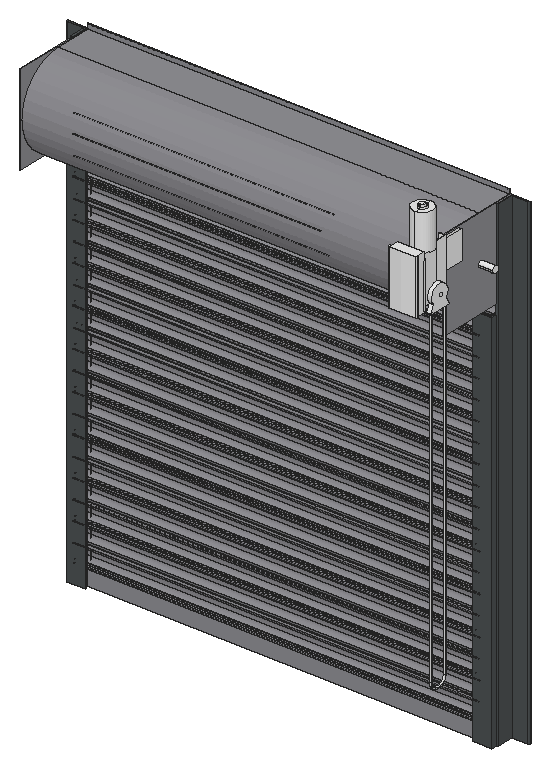
Revit family "EverGuard-Forced-Entry-Shelter-Door_OHD_Model-610FE_compact", category Specialty Equipment, host Wall, Revit 2023
Family settings
  Host = Wall
  Round Connector Dimension = Use Diameter
  Part Type = Normal
  OmniClass Number = 23.30.10.21.34
  OmniClass Title = Industrial Doors
  Enable Cutting in Views = No
  Always vertical = Yes
  Cut with Voids When Loaded = Yes
  Maintain Annotation Orientation = No
  Shared = No
  Room Calculation Point = No
Parameters (values of type "115 volts, one phase, 60 Hz (110-120V range)")
  Warning Sign [instance] = if(Calculated Area > 683.00 SF, 1 = 1, 1 = 2)  # no
  Warning (Note) [instance] = if(Warning Sign, "The Door Area is out of the limit; please adjust accordingly. The maximum allowed area is 683 sq. ft.", if(Opening Height > 360", "Headroom Clearance Dimensions - out of the limits. Consult Factory", " "))  # " "
  Wall Thickness [instance] = 6"
  Voltage = 115 V
  Version = "1.00.01"  # constant formula
  True Opening Width [instance] = Clear Width  # 120"
  True Opening Height [instance] = Clear Height  # 120"
  Slat Type [instance] = "C-600"  # constant formula
  Slat Material [instance] = Steel - Overhead Door - Gray
  Slat Length [instance] = Clear Width + G Value * 2 - 1" / 2 * 2  # 131"
  Slat Height [instance] = 17 251/256"  # constant formula
  Slat [instance] = 1  # constant formula
  Product Page URL = "https://www.overheaddoor.com/commercial/commercial-details/Rolling-Steel-Shelter-Door-Model-610FE"
  Power Factor = 1
  Powder Coat (Note) = "PowderGuard® Premium powder coat finish options are available in approximately 200 colors as well as custom matching to specification. PowderGuard® Textured finish, a thicker, more scratch resistant coat, is available in 11 colors providing enhanced scratch resistance as well as aiding in hiding the dirt and blemishes that often occur in commercial environments.​"  # constant formula
  Opening Width Real [instance] = if(Opening Width > Max Opening Width, Max Opening Width, if(Opening Width < Min Opening Width, Min Opening Width, Opening Width))  # 120"
  Opening Width [instance] = 120"
  Opening Height Real [instance] = if(Opening Height > Max Opening Height, Max Opening Height, if(Opening Height < Min Opening Height, Min Opening Height, Opening Height))  # 120"
  Opening Height [instance] = 120"
  One Array element [instance] = not(Array Vis)  # no
  Number of Poles = 1
  Motor Type [instance] = if(Motor Option < 2, "RHX Front of Hood", if(Motor Option = 2, "RHX Top of Hood", if(Motor Option = 3, "RHX Wall Mount", "RHX Bench Mount")))  # "RHX Front of Hood"
  Motor Selection (Note) [instance] = "Generic operator shown. Contact Overhead Door when dimensions are critical. "  # constant formula
  Motor Position [instance] = M Value - G Value  # 6"
  Motor Option Real [instance] = if(Motor Option < 1, 1, if(Motor Option > 4, 4, Motor Option))  # 1
  Motor Option [instance] = 1
  Min Opening Width [instance] = 60"  # constant formula
  Min Opening Height [instance] = 60"  # constant formula
  Max Opening Width [instance] = 192"  # constant formula
  Max Opening Height [instance] = 192"  # constant formula
  M Value [instance] = if(Guide Option < 2, 12", 6 1/2")  # 12"
  Lookup BD [instance] = if(True Opening Height = 60", 20", if(or(True Opening Height = 84", True Opening Height < 84"), 22", if(or(True Opening Height = 108", True Opening Height < 108"), 24", if(or(True Opening Height = 132", True Opening Height < 132"), 26", if(or(True Opening Height = 156", True Opening Height < 156"), 28", if(or(True Opening Height = 180", True Opening Height < 180"), 30", 32"))))))  # 26"
  Jambs Offset [instance] = 0"  # constant formula
  Installation Real [instance] = Wall Thickness  # 6"
  Hood Type [instance] = "Round Hood"  # constant formula
  Hood Offset [instance] = 3"  # constant formula
  Hood Material [instance] = Metal - Overhead Door - Gray
  Hood Height [instance] = Headroom Height Real - Hood Offset  # 28"
  Lookup HH [instance] = if(True Opening Height = 60", 22", if(or(True Opening Height = 84", True Opening Height < 84"), 24", if(or(True Opening Height = 108", True Opening Height < 108"), 26", if(or(True Opening Height = 132", True Opening Height < 132"), 28", if(or(True Opening Height = 156", True Opening Height < 156"), 30", if(or(True Opening Height = 180", True Opening Height < 180"), 32", 34"))))))  # 28"
  Headroom Height Real [instance] = Lookup HH + 3"  # 31"
  Headroom Height [instance] = Headroom Height Real + 1 1/2"  # 32 1/2"
  Guide Type [instance] = if(Guide Option < 2, "Angled Z Guide", "Angled E Guide")  # "Angled Z Guide"
  Guide Option [instance] = 1
  Guid Depth [instance] = D Value  # 7 3/4"
  G Value [instance] = 6"  # constant formula
  Frequency = 60 Hz
  Face of Wall Offset [instance] = 5"  # constant formula
  Face Of Wall Mounting [instance] = 1 = 1  # yes
  Door Width True [instance] = Clear Width + M Value * 2  # 144"
  Door Width (Real) [instance] = Clear Width + 1" / 2  # 120 1/2"
  Door Height True [instance] = Clear Width + Headroom Height  # 152 1/2"
  Door Height (Real) [instance] = Clear Height + Hood Offset  # 123"
  URL = "https://www.overheaddoor.com/"
  Product data url = "https://www.bimobject.com/overhead-door/product/everguard-forced-entry-shelter-door-610fe"
  Product Guid = "23f5a135-2cee-4e1f-8624-9f3ee4fb7b65"
  Model = "610FE"  # constant formula
  Manufacturer = "Overhead Door Corporation"  # constant formula
  Wall Closure = By host
  Floor To (CL) of Shaft [instance] = Clear Height + Hood Height / 2 + Hood Offset  # 137"
  Finish Material = Finish - Overhead Door - Black
  Description = "EverGuard Model 610FE Rolling Steel Storm Shelter Door ASTM-F3038-21, NIJ Standard 0108.01"  # constant formula
  Default Elevation = 0"
  Date Updated = "2026/05/29"  # constant formula
  D Value [instance] = 7 3/4"  # constant formula
  Clear Width [instance] = Opening Width Real  # 120"
  Clear Height [instance] = Opening Height Real  # 120"
  Current = 20 A
  Connector Array Distance = 0"  # constant formula
  BimObject_Variable_Connectors = "No"  # constant formula
  Bar [instance] = 1 = 1  # yes
  Backroom Depth [instance] = Lookup BD  # 26"
  BJ Opening Cut [instance] = 0"  # constant formula
  BJ Displacement Real [instance] = 0"  # constant formula
  Array Vis [instance] = if(Array < 2, 1 = 2, 1 = 1)  # yes
  Array Real [instance] = if(Array < 2, 2, Array)  # 7
  Array Length [instance] = (Array) * Slat Height  # 125 221/256"
  Array [instance] = rounddown(([Door Height (Real)] - 5 11/256") / Slat Height) + 1  # 7
  Calculated Area [instance] = [Door Width (Real)] * [Door Height (Real)]  # 102.927 SF
  Apparent Load Phase 3 = if(Number of Poles = 1, 0 VA, (Voltage * Current * sqrt(3)) / 3)  # 0 VA
  Apparent Load Phase 2 = if(Number of Poles = 1, 0 VA, (Voltage * Current * sqrt(3)) / 3)  # 0 VA
  Apparent Load Phase 1 = if(Number of Poles = 1, Voltage * Current, (Voltage * Current * sqrt(3)) / 3)  # 2300 VA
Reference planes (in)
  plane 1 "Center (Front/Back)": y = -14.625
  plane 2 "Center (Left/Right)": x = 0
  plane 3 "Left": x = -60
  plane 4 "Right": x = 60
  plane 5 "Exterior": y = -8.625
  plane 6 "Interior": y = -14.625
  plane 7: x = 72
  plane 8: x = -72
  plane 9: z = 120
  plane 10 "Main": y = -21.73437
  plane 11 "Backroom Depth": y = -32.125
  plane 12 "Main Door Block": y = -6.125
  plane 13 "Bottom Bar": z = 5.04124
  plane 14: y = -22.375
  plane 15: z = 130.90452
  plane 16: z = 151
  plane 17: z = 123
  plane 18: z = 152.5
  plane 19: z = 0
  plane 20: z = 60
  plane 21: y = -20.90625
  plane 22: y = 18.375
  plane 23: y = -41.625
  plane 24 "Headroom Top": z = 152.5
  plane 25: z = 137
  plane 26: x = 66
  plane 27: x = -66
  plane 28: z = 112.92405
Forms (in)
  Extrusion 1, void
    sketch origin (0, -6.125, 0) x (0, 0, -1) y (-1, 0, 0)
      loop
        line (-120, 60) -> (-120, -60) -> (0, -60) -> (0, 60) -> (-120, 60)
    from -8.5 to -2.5
  Extrusion 2, solid, material "Metal - Overhead Door - Gray" <- "Hood Material", visible <- "Bar"
    sketch origin (0, 0, 0) x (0, 1, 0) y (0, 0, 1)
      loop
        line (-14.875, 151) -> (-14.625, 151) -> (-14.625, 152.5) -> (-14.875, 152.5) -> (-14.875, 151)
    from -65.625 to 65.625
Lines and regions (in)
  symbolic lines, visible <- "Bar"
    curve 1: line (65.625, -14.625, 0) -> (-65.625, -14.625, 0)
    curve 2: line (-65.625, -14.875, 0) -> (65.625, -14.875, 0)
Text (in)
  text "Exterior" at (-74.96733, 27.31104, 0), in view "Ref. Level"
  text "Interior" at (-74.96733, -25.14366, 0), in view "Ref. Level"
  text "Exterior" at (0, 40.15149, 123.01588), in view "Right"
  text "Interior" at (0, -64.39139, 123.01588), in view "Right"
  text "Interior" at (0, -31.01599, 123.00693), in view "Left"
  text "Exterior" at (0, 54.57065, 123.00693), in view "Left"
Dimensions and locks (in)
  equal spacing: plane 3 "Left", plane 2 "Center (Left/Right)", plane 4 "Right"
  "Clear Width": plane 3 "Left" to plane 4 "Right"
  level to host wall = 459.59655"
  "Clear Height": level to plane 9
  plane 7 to plane 8 = 144"
  equal spacing: plane 7, plane 2 "Center (Left/Right)", plane 8
  locked: plane 13 "Bottom Bar" to level at 5.04124
  "Door Width True": plane 7 to plane 8
  locked: plane 14 to plane 10 "Main" at 0.64063
  "Array Length": plane 15 to plane 13 "Bottom Bar"
  "Backroom Depth": plane 11 "Backroom Depth" to plane 12 "Main Door Block"
  "Hood Height": plane 16 to plane 17
  locked: plane 18 to plane 16 at 1.5
  locked: Extrusion 2 sketch curve to Extrusion 2 sketch curve at 0.25
  "Installation Real": plane 1 "Center (Front/Back)" to plane 5 "Exterior"
  "Wall Thickness": host wall to host wall
  equal spacing: plane 9, plane 20, plane 19
  locked: plane 10 "Main" to plane 21 at 0.82812
  equal spacing: plane 22, host wall, plane 23
  locked: plane 22 to plane 23 at 60
  "BJ Opening Cut": Extrusion 1 sketch curve to plane 9
  locked: Extrusion 2 sketch curve to Extrusion 2 sketch curve at 1.5
  "Hood Offset": plane 17 to plane 9
  "Headroom Height": plane 24 "Headroom Top" to plane 9
  "Floor To (CL) of Shaft": plane 25 to level
  "Jambs Offset": plane 4 "Right" to Extrusion 1 sketch curve
  "Jambs Offset": Extrusion 1 sketch curve to plane 3 "Left"
  "Motor Position": plane 7 to plane 26
  "Motor Position": plane 27 to plane 8
  locked: plane 27 to Extrusion 2 at 0.375
  locked: Extrusion 2 to plane 26 at 0.375
  "Guid Depth": plane 14 to plane 1 "Center (Front/Back)"
  "Slat Height": plane 15 to plane 28
  equal spacing: group 1, group 3, group 4, group 5, group 6, group 7, group 2  (x3)
  aligned and locked: plane 5 "Exterior" to host wall
  aligned and locked: host wall to plane 6 "Interior"
  aligned and locked: level to Extrusion 1 sketch curve
  aligned and locked: Extrusion 1 to plane 5 "Exterior"
  aligned and locked: plane 6 "Interior" to Extrusion 1
  aligned and locked: nested 1 to plane 2 "Center (Left/Right)"
  aligned and locked: plane 16 to nested 2
  aligned and locked: nested 1 to level
  aligned and locked: Extrusion 2 sketch curve to plane 18
  aligned and locked: Extrusion 2 sketch curve to plane 6 "Interior"
  aligned and locked: curve 1 to Extrusion 2  (x2)
  aligned and locked: curve 2 to Extrusion 2  (x2)
  aligned and locked: Extrusion 2 to curve 2
  aligned and locked: nested 2 to plane 5 "Exterior"
  aligned and locked: level to plane 19
  aligned and locked: nested 1 to plane 1 "Center (Front/Back)"
  aligned and locked: plane 2 "Center (Left/Right)" to nested 3
  aligned and locked: nested 3 to plane 22
  aligned and locked: plane 23 to nested 4
  aligned and locked: nested 4 to plane 2 "Center (Left/Right)"
  aligned and locked: nested 5 to plane 20
  aligned and locked: plane 2 "Center (Left/Right)" to nested 5
  aligned and locked: nested 2 to plane 26
  aligned and locked: plane 13 "Bottom Bar" to nested 6
  aligned and locked: plane 28 to nested 8
  aligned and locked: nested 8 to plane 21
  aligned and locked: plane 21 to nested 6
  aligned and locked: plane 13 "Bottom Bar" to nested 7
  aligned and locked: plane 21 to nested 7
  aligned and locked: nested 5 to plane 21
Automatic sketch dimensions
  curve 1 to curve 2 = 0"
Nested families (in)
  nested 1: "Lifts" at (0, -14.625, 0), type "Frame Unit"
    with Round Hood yes
  nested 2: "Motor" at (64.56, -48.505, 135.25), type "Trolley Motor"
    with Wall Mount RSX no, Horizontal Mount 7.88", Vertical Mount 15 3/4", Motor Option 1, Hood Width Real 26", Hood Mount 0.37", Face+Top yes, Face Mount RSX yes, Face + Top + Bench yes
  nested 3: "Label Annotation 1" at (0, 18.375, 0), visible <- "Warning Sign", type "Label Annotation 1"
  nested 4: "Label Annotation 1" at (0, -41.625, 0) x (-1, 0, 0) z (0, 0, 1), visible <- "Warning Sign", type "Label Annotation 1"
  nested 5: "Warning Sign" at (0, -20.90625, 60), visible <- "Warning Sign", type "Warning Sign"
    with Warning Sign no
  nested 6: "610F" at (0, -20.90625, 5.04124), Opening Width <- "Slat Length", visible <- "Array Vis", type "Standard - Gray"
    with Slat Width 1.438", Slat Position 17.979", Opening Width 131"
  nested 7: "610F" at (0, -20.90625, 5.04124), visible <- "One Array element", Opening Width <- "Slat Length", type "Standard - Gray"
    with Slat Width 1.438", Slat Position 17.979", Opening Width 131"
  nested 8: "610F" at (0, -20.90625, 112.92405), Opening Width <- "Slat Length", visible <- "Array Vis", type "Standard - Gray"
    with Slat Width 1.438", Slat Position 17.979", Opening Width 131"
  nested 9: "610F" at (0, -20.90625, 23.02171), Opening Width <- "Slat Length", visible <- "Array Vis", type "Standard - Gray"
    with Slat Width 1.438", Slat Position 17.979", Opening Width 131"
  nested 10: "610F" at (0, -20.90625, 41.00218), Opening Width <- "Slat Length", visible <- "Array Vis", type "Standard - Gray"
    with Slat Width 1.438", Slat Position 17.979", Opening Width 131"
  nested 11: "610F" at (0, -20.90625, 58.98265), Opening Width <- "Slat Length", visible <- "Array Vis", type "Standard - Gray"
    with Slat Width 1.438", Slat Position 17.979", Opening Width 131"
  nested 12: "610F" at (0, -20.90625, 76.96311), Opening Width <- "Slat Length", visible <- "Array Vis", type "Standard - Gray"
    with Slat Width 1.438", Slat Position 17.979", Opening Width 131"
  nested 13: "610F" at (0, -20.90625, 94.94358), Opening Width <- "Slat Length", visible <- "Array Vis", type "Standard - Gray"
    with Slat Width 1.438", Slat Position 17.979", Opening Width 131"
Connectors (in)
  electrical at (67.548, -46.92906, 143.05), driven by "Apparent Load Phase 1", driven by "Power Factor", driven by "Voltage", driven by "Apparent Load Phase 2", driven by "Apparent Load Phase 3", driven by "Number of Poles"
    settings: on nested 2, index 1, voltage 115 V, apparent load 0 VA, apparent load phase1 2300 VA, apparent load phase2 0 VA, apparent load phase3 0 VA, power factor 1, load classification "Other", number of poles 1, system type 31, power factor state 1, is connector primary yes, connector utility no, sub classification motor no, connector description "Electrical Connector"
Definition of nested family "Lifts"
  Parameters (values of type "Frame Unit")
    Void Height = if(Guide Option < 2, 0", Headroom Height Real)  # 0"
    True Width = Opening Width + 1/2"  # 120 1/2"
    Rounding 2 = Guide Thickness 2 - 0.031"  # 0.469"
    Rounding 1 = Guide Thickness 1 - 0.031"  # 0.344"
    Round Hood [instance] = 1 = 1  # yes
    Rough Width = 0"
    Rough Height = 0"
    Main Bracket Profile Height = 5" + 1 3/4"  # 6 3/4"
    M Value = 13"
    Inner Profile Height = 4"  # constant formula
    Hood Offset = 3"
    Hood Height = Headroom Height Real - Hood Offset  # 28"
    Headroom Height Real = Headroom Height  # 31"
    Half Hood Height = Headroom Height - Hood Offset  # 28"
    Guide Thickness 2 = 1/2"  # constant formula
    Guide Thickness 1 = 3/8"  # constant formula
    G Value = 6"
    E Guide Width = if(Guide Option < 2, 6", 6")  # 6"
    E Guide Height = 6"  # constant formula
    Z Guide = if(Guide Option < 2, 1 = 1, 1 = 2)  # yes
    Slat Material = none
    Shaft Offset = (Header Width - (Header Width - Hood Height)) / 2  # 14"
    Shaft Material = none
    Shaft Length 2 = G Value + 4 3/4"  # 10 3/4"
    Shaft Length 1 = G Value + 4 3/4"  # 10 3/4"
    Setback = 1/4"  # constant formula
    Radius Hood = Shaft Offset  # 14"
    Opening Width = 120"
    Hood Material = none
    Headroom Height = 31"
    Header Width = 26"
    Opening Height = 120"
    Guide Type = if(Guide Option = 1, "Angled Z Guide", "Angled E Guide")  # "Angled Z Guide"
    Guide Option = 1
    Guide Offset = BJ Displacement + G Value  # 6"
    Guide Z Wide = if(Guide Option < 2, M Value - G Value, 6")  # 7"
    Guide Z Height = 6"  # constant formula
    Floor To (CL) of Shaft = 137"
    Finish Material = none
    Face to Wall Mount = not(Between Jambs)  # yes
    E Guide = not(Z Guide)  # no
    Default Elevation = 0"
    D Value = 7 3/4"
    Between Jambs = 1 = 2  # no
    BJ Position = 0"  # constant formula
    BJ Displacement = if(Guide Option < 2, 0", Guide Thickness 2)  # 0"
    BJ Connection Length = 1 / 3 * BJ Displacement  # 0"
    Angled Guide = 1 = 1  # yes
  Reference planes (in)
    plane 1 "Center (Front/Back)": y = 0
    plane 2: z = 0
    plane 3 "Center (Left/Right)": x = 0
    plane 4 "Opening Height": z = 120
    plane 5: x = -70.75
    plane 6: x = 70.75
    plane 7: z = 151
    plane 8: y = 26
    plane 9 "Real Opening 2": x = -60
    plane 10 "Real Opening 1": x = 60
    plane 11: z = 123
    plane 12 "Main": y = 0
    plane 13: z = 137
    plane 14: y = 12
    plane 15: x = 66
    plane 16: x = -66
    plane 17: x = -66
    plane 18: x = 66
    plane 19: y = 7.75
    plane 20: x = -65.625
    plane 21: x = 65.625
    plane 22: z = 152.5
    plane 23: y = 7.75
    plane 24: y = 5.75
    plane 25: y = 7.75
    plane 26: y = 5.75
  Forms (in)
    Extrusion 1, solid, material <- "Slat Material"
      sketch origin (0, 0, 0) x (0, 1, 0) y (0, 0, 1)
        loop
          line (6.25, 4.72874) -> (6.25, 5.35374) -> (5.25, 5.35374) -> (5.25, 4.72874) -> (6.25, 4.72874)
      from -65.625 to 65.625
    Extrusion 2, solid, material <- "Slat Material"
      sketch origin (0, 0, 0) x (0, 1, 0) y (0, 0, 1)
        loop
          line (6.25, 4.72874) -> (5.25, 4.72874) -> (5.25, 0) -> (6.25, 0) -> (6.25, 4.72874)
      from -65.625 to 65.625
    Extrusion 3, solid, material <- "Shaft Material"
      sketch origin (0, -5.35201, 0) x (0, 1, 0) y (0, 0, 1)
        loop
          circle (17.35201, 137) r 1
      from -70.75 to 70.75
    Extrusion 4, solid, material <- "Hood Material", visible <- "Round Hood"
      sketch origin (0, 0, 0) x (0, 1, 0) y (0, 0, 1)
        loop
          line (0, 151) -> (0, 123) -> (12, 123)
          arc (12, 123) -> (26, 137) -> (12, 151) r 14
          line (12, 151) -> (0, 151)
      from -65.625 to 65.625
    Extrusion 5, solid, material <- "Finish Material", visible <- "E Guide"
      sketch origin (0, 0, 0) x (1, 0, 0) y (0, 1, 0)
        loop
          line (60, 0) -> (66, 0) -> (66, 6) -> (65.969, 6)
          arc (65.969, 6) -> (65.63737, 5.86263) -> (65.5, 5.531) r 0.469
          line (65.5, 5.531) -> (65.5, 0.5) -> (60.469, 0.5)
          arc (60.469, 0.5) -> (60.13737, 0.36263) -> (60, 0.031) r 0.469
          line (60, 0.031) -> (60, 0)
        loop
          line (-60, 0) -> (-60, 0.031)
          arc (-60, 0.031) -> (-60.13737, 0.36263) -> (-60.469, 0.5) r 0.469
          line (-60.469, 0.5) -> (-65.5, 0.5) -> (-65.5, 5.531)
          arc (-65.5, 5.531) -> (-65.63737, 5.86263) -> (-65.969, 6) r 0.469
          line (-65.969, 6) -> (-66, 6) -> (-66, 0) -> (-60, 0)
      from 0 to 151
    Extrusion 6, solid, material <- "Finish Material", visible <- "Z Guide"
      sketch origin (0, 0, 0) x (1, 0, 0) y (0, 1, 0)
        loop
          line (73, 0) -> (73, 0.031)
          arc (73, 0.031) -> (72.86263, 0.36263) -> (72.531, 0.5) r 0.469
          line (72.531, 0.5) -> (66.5, 0.5) -> (66.5, 5.531)
          arc (66.5, 5.531) -> (66.36263, 5.86263) -> (66.031, 6) r 0.469
          line (66.031, 6) -> (66, 6) -> (66, 0) -> (73, 0)
        loop
          line (-73, 0) -> (-66, 0) -> (-66, 6) -> (-66.031, 6)
          arc (-66.031, 6) -> (-66.36263, 5.86263) -> (-66.5, 5.531) r 0.469
          line (-66.5, 5.531) -> (-66.5, 0.5) -> (-72.531, 0.5)
          arc (-72.531, 0.5) -> (-72.86263, 0.36263) -> (-73, 0.031) r 0.469
          line (-73, 0.031) -> (-73, 0)
      from 0 to 151
    Extrusion 7, solid, material <- "Finish Material", visible <- "Angled Guide"
      sketch origin (0, 0, 0) x (1, 0, 0) y (0, 1, 0)
        loop
          line (60.25, 7.75) -> (60.25, 7.719)
          arc (60.25, 7.719) -> (60.35076, 7.47576) -> (60.594, 7.375) r 0.344
          line (60.594, 7.375) -> (60.75, 7.375) -> (60.75, 6.625) -> (62.25, 6.625) -> (62.25, 7.375) -> (65.625, 7.375) -> (65.625, 4.125) -> (62.75, 4.125) -> (62.75, 4.875) -> (60.75, 4.875) -> (60.75, 4.094)
          arc (60.75, 4.094) -> (60.85076, 3.85076) -> (61.094, 3.75) r 0.344
          line (61.094, 3.75) -> (65.25, 3.75) -> (65.25, 1) -> (66, 1) -> (66, 7.75) -> (60.25, 7.75)
        loop
          line (-60.25, 7.75) -> (-66, 7.75) -> (-66, 1) -> (-65.25, 1) -> (-65.25, 3.75) -> (-61.094, 3.75)
          arc (-61.094, 3.75) -> (-60.85076, 3.85076) -> (-60.75, 4.094) r 0.344
          line (-60.75, 4.094) -> (-60.75, 4.875) -> (-62.75, 4.875) -> (-62.75, 4.125) -> (-65.625, 4.125) -> (-65.625, 7.375) -> (-62.25, 7.375) -> (-62.25, 6.625) -> (-60.75, 6.625) -> (-60.75, 7.375) -> (-60.594, 7.375)
          arc (-60.594, 7.375) -> (-60.35076, 7.47576) -> (-60.25, 7.719) r 0.344
          line (-60.25, 7.719) -> (-60.25, 7.75)
      from 0 to 120
    Extrusion 8, solid, material <- "Hood Material"
      sketch origin (0, 0, 0) x (-1, 0, 0) y (0, 0, 1)
        loop
          line (65.625, 123) -> (66, 123) -> (66, 151) -> (65.625, 151) -> (65.625, 123)
        loop
          line (-66, 123) -> (-65.625, 123) -> (-65.625, 151) -> (-66, 151) -> (-66, 123)
      from 0 to 26
    Extrusion 9, void
      sketch origin (0, -63.05955, 151) x (1, 0, 0) y (0, -1, 0)
        loop
          line (-66, -63.05955) -> (-66, -63.55955) -> (-60.469, -63.55955)
          arc (-60.469, -63.55955) -> (-60.13737, -63.42218) -> (-60, -63.09055) r 0.469
          line (-60, -63.09055) -> (-60, -63.05955) -> (-66, -63.05955)
        loop
          line (66, -63.05955) -> (60, -63.05955) -> (60, -63.09055)
          arc (60, -63.09055) -> (60.13737, -63.42218) -> (60.469, -63.55955) r 0.469
          line (60.469, -63.55955) -> (66, -63.55955) -> (66, -63.05955)
      from 0 <- "Void Height" to -1.5
  Cuts and joins
    Extrusion 9 cuts Extrusion 4
    Extrusion 9 cuts Extrusion 8
  Lines and regions (in)
    Masking region 1
      outline origin (0, 0, 0) x (1, 0, 0) y (0, 1, 0)
        loop
          line (70.75, 13) -> (66, 13) -> (66, 11) -> (70.75, 11) -> (70.75, 13)
        loop
          line (-70.75, 11) -> (-66, 11) -> (-66, 13) -> (-70.75, 13) -> (-70.75, 11)
    Masking region 2
      outline origin (0, 0, 0) x (1, 0, 0) y (0, 1, 0)
        loop
          line (-66, 26) -> (-66, 0) -> (66, 0) -> (66, 26) -> (-66, 26)
    Masking region 3, visible <- "Z Guide"
      outline origin (0, 0, 0) x (1, 0, 0) y (0, 1, 0)
        loop
          line (72.531, 0.5) -> (66.5, 0.5) -> (66.5, 5.531)
          arc (66.5, 5.531) -> (66.36263, 5.86263) -> (66.031, 6) r 0.469
          line (66.031, 6) -> (66, 6) -> (66, 0) -> (73, 0) -> (73, 0.031)
          arc (73, 0.031) -> (72.86263, 0.36263) -> (72.531, 0.5) r 0.469
        loop
          line (-66.5, 0.5) -> (-72.531, 0.5)
          arc (-72.531, 0.5) -> (-72.86263, 0.36263) -> (-73, 0.031) r 0.469
          line (-73, 0.031) -> (-73, 0) -> (-66, 0) -> (-66, 6) -> (-66.031, 6)
          arc (-66.031, 6) -> (-66.36263, 5.86263) -> (-66.5, 5.531) r 0.469
          line (-66.5, 5.531) -> (-66.5, 0.5)
    Masking region 4, visible <- "E Guide"
      outline origin (0, 0, 0) x (1, 0, 0) y (0, 1, 0)
        loop
          line (-66, 6) -> (-66, 0) -> (-60, 0) -> (-60, 0.031)
          arc (-60, 0.031) -> (-60.13737, 0.36263) -> (-60.469, 0.5) r 0.469
          line (-60.469, 0.5) -> (-65.5, 0.5) -> (-65.5, 5.531)
          arc (-65.5, 5.531) -> (-65.63737, 5.86263) -> (-65.969, 6) r 0.469
          line (-65.969, 6) -> (-66, 6)
        loop
          line (66, 0) -> (66, 6) -> (65.969, 6)
          arc (65.969, 6) -> (65.63737, 5.86263) -> (65.5, 5.531) r 0.469
          line (65.5, 5.531) -> (65.5, 0.5) -> (60.469, 0.5)
          arc (60.469, 0.5) -> (60.13737, 0.36263) -> (60, 0.031) r 0.469
          line (60, 0.031) -> (60, 0) -> (66, 0)
    symbolic lines
      curve 1: line (-65.625, 0, 0) -> (-65.625, 26, 0)
      curve 2: line (65.625, 26, 0) -> (65.625, 0, 0)
  Dimensions and locks (in)
    locked: Extrusion 1 sketch curve to level at 4.72874
    locked: Extrusion 1 sketch curve to Extrusion 1 sketch curve at 1
    Extrusion 2 sketch curve to level = 4.72874"
    "Headroom Height Real": plane 7 to plane 4 "Opening Height"
    plane 8 to plane 1 "Center (Front/Back)" = 26"
    "Radius Hood": Extrusion 4 sketch curve to plane 8
    "Opening Height": plane 4 "Opening Height" to level
    "Hood Offset": plane 11 to plane 4 "Opening Height"
    "BJ Position": plane 12 "Main" to plane 1 "Center (Front/Back)"
    "Header Width": plane 12 "Main" to plane 8
    "Floor To (CL) of Shaft": plane 13 to level
    "Shaft Offset": Extrusion 3 sketch curve to plane 8
    locked: Extrusion 2 sketch curve to Extrusion 2 sketch curve at 1
    "Shaft Offset": plane 8 to plane 14
    locked: Masking region 1 sketch curve to Masking region 1 sketch curve at 2
    locked: Masking region 1 sketch curve to plane 14 at 1
    "Guide Offset": plane 10 "Real Opening 1" to plane 15
    "Guide Offset": plane 16 to plane 9 "Real Opening 2"
    "Guide Thickness 2": Extrusion 5 sketch curve to Extrusion 5 sketch curve  (x4)
    "E Guide Height": Extrusion 5 sketch curve to Extrusion 5 sketch curve  (x2)
    "E Guide Width": Extrusion 5 sketch curve to Extrusion 5 sketch curve  (x2)
    "Guide Thickness 2": Extrusion 6 sketch curve to Extrusion 6 sketch curve  (x4)
    "Guide Z Wide": Extrusion 6 sketch curve to Extrusion 6 sketch curve  (x2)
    "Guide Z Height": Extrusion 6 sketch curve to Extrusion 6 sketch curve  (x2)
    "Guide Thickness 1": Extrusion 7 sketch curve to Extrusion 7 sketch curve  (x8)
    "Inner Profile Height": Extrusion 7 sketch curve to Extrusion 7 sketch curve  (x2)
    "Main Bracket Profile Height": Extrusion 7 sketch curve to Extrusion 7 sketch curve  (x2)
    "Setback": plane 10 "Real Opening 1" to Extrusion 7 sketch curve
    "Setback": Extrusion 7 sketch curve to plane 9 "Real Opening 2"
    equal spacing: plane 16, plane 3 "Center (Left/Right)", plane 15
    "G Value": Extrusion 6 sketch curve to plane 9 "Real Opening 2"
    "G Value": plane 10 "Real Opening 1" to Extrusion 6 sketch curve
    "G Value": plane 10 "Real Opening 1" to plane 18
    "G Value": plane 17 to plane 9 "Real Opening 2"
    "Shaft Length 1": plane 5 to plane 9 "Real Opening 2"
    "Shaft Length 2": plane 6 to plane 10 "Real Opening 1"
    Extrusion 2 to plane 18 = 3/8"
    Extrusion 2 to plane 17 = 3/8"
    plane 17 to plane 20 = 3/8"
    locked: plane 21 to plane 18 at 0.375
    equal spacing: plane 9 "Real Opening 2", plane 3 "Center (Left/Right)", plane 10 "Real Opening 1"
    "Opening Width": plane 9 "Real Opening 2" to plane 10 "Real Opening 1"
    locked: plane 22 to plane 7 at 1.5
    "D Value": plane 1 "Center (Front/Back)" to plane 19
    "D Value": plane 23 to plane 1 "Center (Front/Back)"
    plane 23 to plane 24 = 2"
    equal spacing: Extrusion 1 sketch curve, plane 24, Extrusion 1 sketch curve
    "D Value": plane 25 to plane 1 "Center (Front/Back)"
    locked: plane 25 to plane 26 at 2
    equal spacing: Extrusion 2 sketch curve, plane 26, Extrusion 2 sketch curve
    "G Value": plane 10 "Real Opening 1" to Extrusion 7 sketch curve
    "G Value": Extrusion 7 sketch curve to plane 9 "Real Opening 2"
    "Guide Thickness 2": Extrusion 7 sketch curve to Extrusion 7 sketch curve  (x4)
    locked: Extrusion 7 sketch curve to Extrusion 7 sketch curve at 1.5  (x2)
    locked: Extrusion 7 sketch curve to Extrusion 7 sketch curve at 0.75  (x2)
    locked: Extrusion 1 sketch curve to Extrusion 1 sketch curve at 0.625
    "E Guide Width": Extrusion 9 sketch curve to Extrusion 9 sketch curve  (x2)
    "Guide Thickness 2": Extrusion 9 sketch curve to Extrusion 9 sketch curve  (x2)
    "Rounding 2": radius of Extrusion 5 sketch curve  (x4)
    "Rounding 2": radius of Extrusion 6 sketch curve  (x4)
    "Rounding 1": radius of Extrusion 7 sketch curve  (x4)
    "Rounding 2": radius of Extrusion 9 sketch curve  (x2)
    aligned and locked: plane 2 to level
    aligned and locked: plane 5 to Extrusion 3
    aligned and locked: Extrusion 3 to plane 6
    aligned and locked: Extrusion 4 sketch curve to plane 7
    aligned and locked: plane 13 to Extrusion 3 sketch curve
    aligned and locked: plane 5 to Masking region 1 sketch curve
    aligned and locked: plane 6 to Masking region 1 sketch curve
    aligned and locked: Masking region 1 sketch curve to Masking region 1 sketch curve  (x2)
    aligned and locked: plane 12 "Main" to Extrusion 5 sketch curve  (x2)
    aligned and locked: Extrusion 5 sketch curve to plane 15
    aligned and locked: plane 16 to Extrusion 5 sketch curve
    aligned and locked: Extrusion 6 sketch curve to plane 1 "Center (Front/Back)"  (x2)
    aligned and locked: plane 19 to Extrusion 7 sketch curve
    aligned and locked: Extrusion 7 sketch curve to plane 19
    aligned and locked: plane 4 "Opening Height" to Extrusion 7
    aligned and locked: Extrusion 4 sketch curve to plane 12 "Main"
    aligned and locked: Extrusion 8 sketch curve to plane 11
    aligned and locked: Extrusion 8 sketch curve to plane 7
    aligned and locked: plane 17 to Extrusion 8 sketch curve
    aligned and locked: Extrusion 8 sketch curve to plane 18
    aligned and locked: plane 7 to Extrusion 8 sketch curve
    aligned and locked: plane 11 to Extrusion 8 sketch curve
    aligned and locked: Masking region 2 to curve 2  (x2)
    aligned and locked: Masking region 2 to curve 1  (x2)
    aligned and locked: Masking region 3 sketch curve to Extrusion 6  (x10)
    aligned and locked: Extrusion 6 to Masking region 3 sketch curve
    aligned and locked: Masking region 4 sketch curve to Extrusion 5  (x10)
    aligned and locked: Extrusion 8 to curve 1
    aligned and locked: Extrusion 8 to curve 2
    aligned and locked: Masking region 2 to plane 17
    aligned and locked: Masking region 2 to plane 18
    aligned and locked: plane 18 to Masking region 1 sketch curve
    aligned and locked: Masking region 1 sketch curve to plane 17
    aligned and locked: plane 20 to Extrusion 8 sketch curve
    aligned and locked: plane 21 to Extrusion 8 sketch curve
    aligned and locked: Extrusion 4 to plane 20
    aligned and locked: Extrusion 4 to plane 21
    aligned and locked: plane 8 to Extrusion 8
    aligned and locked: Extrusion 6 to plane 7
    aligned and locked: Extrusion 5 to plane 7
    aligned and locked: Extrusion 4 sketch curve to plane 11
    aligned and locked: Extrusion 7 sketch curve to Extrusion 7 sketch curve  (x6)
    aligned and locked: plane 16 to Extrusion 9 sketch curve
    aligned and locked: Extrusion 9 sketch curve to plane 12 "Main"  (x2)
    aligned and locked: Extrusion 9 sketch curve to plane 15
    aligned and locked: Extrusion 9 to plane 22
    aligned and locked: plane 20 to Extrusion 1
    aligned and locked: plane 20 to Extrusion 2
    aligned and locked: Extrusion 2 to plane 21
    aligned and locked: Extrusion 1 to plane 21
  Automatic sketch dimensions
    Masking region 2 sketch curve to plane 1 "Center (Front/Back)" = 0"
    Masking region 2 sketch curve to plane 17 = 0"
    Masking region 2 sketch curve to plane 18 = 0"
    Masking region 2 sketch curve to plane 8 = 0"
    Extrusion 2 sketch curve to level = 0"
    radius of Extrusion 3 sketch curve = 1"
Definition of nested family "Motor"
  Parameters (values of type "Trolley Motor")
    Wall Mount RSX = if(Chain Hoist, 1 = 2, if(Motor Option = 3, 1 = 1, 1 = 2))  # yes
    Top Mount RSX = if(Chain Hoist, 1 = 2, if(Motor Option = 2, 1 = 1, 1 = 2))  # no
    Shaft Material = none
    Real Exterior Wall Offset = if(Wall Mount RSX, Displacement, Exterior Wall Offset + if(and(BJ, Bench Mount RSX, Hood Width < 19 1/2"), 2.6", 0"))  # 6"
    Not Chain Hoist = not(Chain Hoist)  # yes
    Main Box Start = if(Bench Mount RSX, -15.05", -16.45")  # -16.45"
    Main Box End = if(Bench Mount RSX, -0.55", -1.95")  # -1.95"
    Horizontal Mount = if(Face Mount RSX, 8" - 0.12", if(Top Mount RSX, 9 1/2", if(Wall Mount RSX, 7.38", if(Bench Mount RSX, 1.98" + 4", 0"))))  # 7.38"
    Vertical Mount = if(Face Mount RSX, 15 3/4", if(Top Mount RSX, 14.92" - 0.13" - 2.38" - 0.79", if(Wall Mount RSX, 20.03" + 6" + Hood Height / 2, if(Bench Mount RSX, Hood Height + Top Option Offset - 3.63" - 1/4", Hood Height))))  # 40.03"
    Motor Type = if(Motor Option < 2, "RHX Face Mount", if(Motor Option = 2, "RHX Top Mount", if(Motor Option = 3, "RHX Wall Mount", if(Motor Option = 4, "RHX Bench Mount", "Chain Hoist"))))  # "RHX Wall Mount"
    Motor Option = 3
    Main Material = none
    Hood Width Real = if(Wall Mount RSX, 0", if(Chain Hoist, if(Hood Height < Hood Width, (Hood Width + (Hood Width - Hood Height)) / 2, Hood Width / 2), Hood Width))  # 0"
    Hood Width = 26"
    Hood Height = 28"
    Hood Mount = if(or(Face Mount RSX, Top Mount RSX), 0.37", if(Wall Mount RSX, 11.62", if(Bench Mount RSX, 13" - 0.07", 4.26")))  # 11.62"
    Floor To Cl Shaft = 137"
    Top Option Offset = if(or(Top Mount RSX, Bench Mount RSX), 19 1/2", 0")  # 0"
    Face+Top = if(Chain Hoist, 1 = 2, if(or(Face Mount RSX, Top Mount RSX), 1 = 1, 1 = 2))  # no
    Face Mount RSX = if(Chain Hoist, 1 = 2, if(Motor Option < 2, 1 = 1, 1 = 2))  # no
    Face + Top + Wall = if(Chain Hoist, 1 = 2, if(or(Face Mount RSX, Top Mount RSX, Wall Mount RSX), 1 = 1, 1 = 2))  # yes
    Face + Top + Bench = if(Chain Hoist, 1 = 2, if(or(Face Mount RSX, Top Mount RSX, Bench Mount RSX), 1 = 1, 1 = 2))  # no
    Exterior Wall Offset = 6"
    Displacement = 6"
    Default Elevation = 48"
    Chain V Offset = if(or(Face Mount RSX, Wall Mount RSX), 3.63", if(or(Top Mount RSX, Bench Mount RSX), 18.3", Hood Height / 2))  # 3.63"
    Chain H Offset = if(or(Face Mount RSX, Wall Mount RSX), 1.19", if(Top Mount RSX, 3.6", if(Bench Mount RSX, 17" - 3.6", 0")))  # 1.19"
    Chain Hoist = 1 = 2  # no
    Bench Mount RSX = if(Chain Hoist, 1 = 2, if(Motor Option > 3, 1 = 1, 1 = 2))  # no
    Bench Angle = if(Bench Mount RSX, 270.00°, 90.00°)  # 90.00°
    BJ Displacement = 0"
    BJ = 1 = 2  # no
    Angle = if(or(Bench Mount RSX, Top Mount RSX), 90.00°, 180.00°)  # 180.00°
  Reference planes (in)
    plane 1 "Center (Front/Back)": y = 0
    plane 2: z = 0
    plane 3 "Center (Left/Right)": x = 0
    plane 4: y = 0
    plane 5: y = 1.19
    plane 6: z = -133.37
    plane 7: z = -103.37
    plane 8: z = 3.63
    plane 9 "Chain Hoist": z = 3.63
    plane 10 "Top Of Hood": z = 40.03
    plane 11: y = 7.38
    plane 12: z = 0
    plane 13 "Hood Face": x = -9.81
    plane 14: x = 1.81
    plane 15: y = 7.38
    plane 16 "Wall": y = 13.38
    plane 17: z = -0.6502
    plane 18: z = 12.03
    plane 19: z = 26.03
  Forms (in)
    Extrusion 1, solid, material <- "Main Material", visible <- "Not Chain Hoist"
      sketch origin (0, 0, 17) x (1, 0, 0) y (0, 1, 0)
        loop
          line (-4.134, -3.3458) -> (4.116, -3.3458) -> (4.116, -3.2262) -> (3.108, -3.2262)
          arc (3.108, -3.2262) -> (3.02315, -3.19105) -> (2.988, -3.1062) r 0.12
          line (2.988, -3.1062) -> (2.988, 6.25807) -> (-2.988, 6.25807) -> (-2.988, -3.1062)
          arc (-2.988, -3.1062) -> (-3.02315, -3.19105) -> (-3.108, -3.2262) r 0.12
          line (-3.108, -3.2262) -> (-4.134, -3.2262) -> (-4.134, -3.3458)
      from -16.45 <- "Main Box Start" to -1.95 <- "Main Box End"
    Extrusion 2, solid, material <- "Main Material", visible <- "Not Chain Hoist"
      sketch origin (0, 0, 17) x (1, 0, 0) y (0, 1, 0)
        loop
          line (-4.134, -3.3458) -> (-4.134, -5.98838) -> (-4.3324, -5.98838) -> (-4.3324, -6.24492)
          arc (-4.3324, -6.24492) -> (-4.24466, -6.48358) -> (-4.02324, -6.60858) r 0.36846
          arc (-4.02324, -6.60858) -> (0, -6.93443) -> (4.02324, -6.60858) r 25
          arc (4.02324, -6.60858) -> (4.24466, -6.48358) -> (4.3324, -6.24492) r 0.36846
          line (4.3324, -6.24492) -> (4.3324, -5.98838) -> (4.116, -5.98838) -> (4.116, -3.3458) -> (-4.134, -3.3458)
      from -17 to 0
    Extrusion 3, solid, material <- "Main Material"
      sketch origin (-2.9045, 0.00141, 3.59957) x (0, 0, 1) y (0, -1, 0)
        loop
          arc (-1.81556, -3.55341) -> (3.03043, -1.18859) -> (-1.81556, 1.17622) r 3
          line (-1.81556, 1.17622) -> (-3.99826, 2.43641) -> (-4.24977, 2.43641) -> (-4.24977, -4.81359) -> (-3.99826, -4.81359) -> (-1.81556, -3.55341)
      from 8.25 to 7
    Sweep 4, solid, material <- "Main Material"
      path origin (4.73025, 9.53, 48) x (0, 1, 0) y (0, 0, 1)
        loop
          line (-11.34, -48.6502) -> (-11.34, -151.37)
          arc (-11.34, -151.37) -> (-8.34, -154.37) -> (-5.34, -151.37) r 3
          line (-5.34, -151.37) -> (-5.34, -48.6502)
      profile origin (4.73025, -1.81, -52.0101) x (1, 0, 0) y (0, 1, 0)
        loop
          circle (0, 0.25) r 0.25
    Extrusion 5, solid, material <- "Main Material"
      sketch origin (0, 0.00141, 3.59957) x (0, 0, 1) y (0, -1, 0)
        loop
          circle (0.03043, -1.18859) r 0.4
      from 5.69 to -8.935
    Extrusion 6, solid, material <- "Main Material", visible <- "Face+Top"
      sketch origin (0, 0, 17) x (1, 0, 0) y (0, 1, 0)
        loop
          line (1.81, 6.37807) -> (1.81, 14.13) -> (1.69, 14.13) -> (1.69, 6.49807) -> (-2.988, 6.49807) -> (-2.988, 6.37807) -> (1.81, 6.37807)
      from -11 to -2
    Extrusion 7, solid, material <- "Main Material", visible <- "Face + Top + Bench"
      sketch origin (0.25, 0, 17) x (1, 0, 0) y (0, 1, 0)
        loop
          line (-3.358, 6.37807) -> (-3.358, 2.75807) -> (-3.238, 2.75807) -> (-3.238, 6.25807) -> (-1.238, 6.25807) -> (-1.238, 6.37807) -> (-3.358, 6.37807)
        loop
          line (2.858, 6.37807) -> (0.738, 6.37807) -> (0.738, 6.25807) -> (2.738, 6.25807) -> (2.738, 2.75807) -> (2.858, 2.75807) -> (2.858, 6.37807)
      from -16.45 to 0
    Extrusion 8, solid, material <- "Main Material", visible <- "Face+Top"
      sketch origin (0, 0, 0) x (0, 0, 1) y (0, -1, 0)
        loop
          line (15.5, -8.13) -> (6.5, -8.13) -> (6.5, -13.13) -> (15.5, -13.13) -> (15.5, -8.13)
      from 1.44 to 1.69
    Extrusion 9, solid, material <- "Main Material", visible <- "Bench Mount RSX"
      sketch origin (0, 0, 17) x (1, 0, 0) y (0, 1, 0)
        loop
          line (-10.878, 6.37807) -> (3.108, 6.37807) -> (3.108, 6.49807) -> (-11, 6.49807) -> (-11, -1.36693) -> (-10.878, -1.36693) -> (-10.878, 6.37807)
      from -15.02 to -0.55
    Extrusion 10, solid, material <- "Main Material", visible <- "Bench Mount RSX"
      sketch origin (0, 0, 0) x (0, 0, 1) y (0, -1, 0)
        loop
          line (1.98, 1.36693) -> (1.98, -3.63307) -> (10.98, -3.63307) -> (10.98, 1.36693) -> (1.98, 1.36693)
      from -11.12 to -11
    Revolve 11, solid, material <- "Main Material"
      sketch origin (0, 1.2242, 8.5) x (0, 1, 0) y (0, 0, 1)
        loop
          line (-3.22, 6.55) -> (0, 6.55) -> (0, 18.5) -> (-0.85, 18.5) -> (-0.85, 18.1) -> (-1.28, 18.1) -> (-1.28, 17.72) -> (-3.22, 17.72) -> (-3.22, 6.55)
        axis (0, 6.55) -> (0, 18.5)
      angle from 0 to 360
    Extrusion 12, solid, material <- "Main Material", visible <- "Wall Mount RSX"
      sketch origin (0, 0, 17) x (1, 0, 0) y (0, 1, 0)
        loop
          line (4.988, 6.38307) -> (2.988, 6.38307) -> (2.988, 7.38) -> (-2.988, 7.38) -> (-2.988, 6.38307) -> (-4.988, 6.38307) -> (-4.988, 6.25807) -> (4.988, 6.25807) -> (4.988, 6.38307)
      from -11.56 to 0
  Lines and regions (in)
    reference lines
      curve 1: line (0, 0, 0) -> (0, 0, 17)
      curve 2: line (0, 0, 17) -> (0, 1.2242, 17)
      curve 3: line (0, 1.2242, 17) -> (0, 1.2242, 8.5)
      curve 4: line (0, 1.2242, 8.5) -> (0, 2.2242, 8.5)
  Dimensions and locks (in)
    "Chain H Offset": plane 4 to plane 5
    locked: plane 7 to plane 6 at 30
    locked: Sweep 4 sketch curve to profile plane at 0
    locked: profile plane to Sweep 4 sketch curve at 0.25
    locked: Sweep 4 sketch curve to Sweep 4 sketch curve at 6
    "Floor To Cl Shaft": plane 8 to plane 6
    "Horizontal Mount": plane 1 "Center (Front/Back)" to plane 11
    locked: Extrusion 7 sketch curve to Extrusion 7 sketch curve at 3.62
    locked: Extrusion 7 sketch curve to Extrusion 7 sketch curve at 0.12  (x3)
    "Top Option Offset": level to plane 12
    "Chain V Offset": plane 9 "Chain Hoist" to plane 12
    equal spacing: Sweep 4 sketch curve, plane 5, Sweep 4 sketch curve
    "Vertical Mount": plane 10 "Top Of Hood" to plane 12
    locked: Extrusion 2 sketch curve to Extrusion 2 sketch curve at 8.25
    locked: Extrusion 2 sketch curve to Extrusion 2 sketch curve at 2.64258
    locked: plane 3 "Center (Left/Right)" to plane 14 at 1.81
    "Hood Mount": plane 13 "Hood Face" to plane 14
    locked: Extrusion 6 sketch curve to Extrusion 6 sketch curve at 0.12  (x2)
    locked: Extrusion 6 sketch curve to curve 1 at 6.37807
    "Hood Width Real": plane 11 to plane 15
    "Real Exterior Wall Offset": plane 15 to plane 16 "Wall"
    locked: Extrusion 6 sketch curve to Extrusion 6 sketch curve at 7.63193
    locked: Extrusion 1 sketch curve to Extrusion 1 sketch curve at 0.1196
    locked: Extrusion 1 sketch curve to Extrusion 1 sketch curve at 5.976
    equal spacing: Extrusion 1 sketch curve, curve 1, Extrusion 1 sketch curve
    locked: curve 1 to Extrusion 1 sketch curve at 3.3458
    locked: Extrusion 1 sketch curve to Extrusion 1 sketch curve at 9.60387
    locked: Extrusion 7 sketch curve to curve 1 at 2.75807
    locked: Extrusion 8 sketch curve to Extrusion 8 sketch curve at 5
    locked: Extrusion 8 sketch curve to Extrusion 8 sketch curve at 9
    locked: Extrusion 8 sketch curve to curve 1 at 13.13
    locked: Extrusion 8 sketch curve to curve 1 at 6.5
    locked: Extrusion 7 sketch curve to plane 3 "Center (Left/Right)" at 2.988
    locked: plane 3 "Center (Left/Right)" to Extrusion 7 sketch curve at 3.108
    locked: Extrusion 6 sketch curve to Extrusion 6 sketch curve at 4.798
    locked: curve 1 to Extrusion 6 sketch curve at 1.81
    locked: Extrusion 1 sketch curve to Extrusion 1 sketch curve at 1.128
    locked: Extrusion 1 sketch curve to Extrusion 1 sketch curve at 1.146
    locked: curve 1 to Extrusion 2 sketch curve at 3.3458
    locked: Extrusion 9 sketch curve to Extrusion 9 sketch curve at 0.122
    locked: Extrusion 9 sketch curve to Extrusion 9 sketch curve at 0.12
    locked: Extrusion 9 sketch curve to curve 1 at 10.878
    locked: Extrusion 9 sketch curve to curve 1 at 6.37807
    locked: Extrusion 9 sketch curve to Extrusion 9 sketch curve at 13.986
    Extrusion 9 sketch curve to Extrusion 9 sketch curve = 7.865"
    locked: Extrusion 10 sketch curve to Extrusion 10 sketch curve at 5
    locked: Extrusion 10 sketch curve to curve 1 at 1.36693
    locked: Extrusion 10 sketch curve to Extrusion 10 sketch curve at 9
    locked: Extrusion 10 sketch curve to curve 1 at 15.02
    locked: Extrusion 3 sketch curve to Extrusion 3 sketch curve at 4.2802
    locked: Extrusion 3 sketch curve to Extrusion 3 sketch curve at 7.25
    equal spacing: Extrusion 3 sketch curve, Extrusion 3 sketch curve, Extrusion 3 sketch curve
    locked: plane 8 to plane 17 at 4.2802
    Extrusion 1 sketch curve to Extrusion 5 = 2.702"
    "Hood Height": plane 10 "Top Of Hood" to plane 18
    equal spacing: plane 10 "Top Of Hood", plane 19, plane 18
    Revolve 11 sketch curve to Revolve 11 sketch curve to Revolve 11 sketch curve to Revolve 11 sketch curve = 0.85" locked, 0.43" locked, 1.94" locked
    Revolve 11 sketch curve to Revolve 11 sketch curve to Revolve 11 sketch curve to Revolve 11 sketch curve = 11.17" locked, 0.38" locked, 0.4" locked
    locked: Extrusion 12 sketch curve to Extrusion 12 sketch curve at 0.125
    locked: Extrusion 12 sketch curve to Extrusion 12 sketch curve at 2  (x2)
    locked: Extrusion 12 sketch curve to Extrusion 12 sketch curve at 5.976
    locked: Extrusion 12 sketch curve to Extrusion 12 sketch curve at 0.99693
    locked: curve 2 to curve 2 at 1.2242
    locked: curve 3 to curve 3 at 8.5
    locked: curve 4 to curve 4 at 1
    locked: Extrusion 12 sketch curve to curve 3 at 5.03387
    radius of Sweep 4 sketch curve = 3"
    radius of Sweep 4 sketch curve = 1/4"
    radius of Extrusion 5 sketch curve = 0.4"
    radius of Extrusion 2 sketch curve = 0.36846"  (x2)
    radius of Extrusion 1 sketch curve = 0.12"  (x2)
    radius of Extrusion 2 sketch curve = 25"
    radius of Extrusion 3 sketch curve = 3"
    "Angle": angle curve 1 to plane 1 "Center (Front/Back)"
    angle Extrusion 2 sketch curve to Extrusion 2 sketch curve = 90.00°
    locked: Extrusion 2 sketch curve to Extrusion 2 sketch curve (angle 90.00°)
    locked: Extrusion 3 sketch curve to Extrusion 3 sketch curve (angle 150.00°)  (x2)
    locked: curve 1 to curve 2 (angle 90.00°)
    locked: curve 2 to curve 3 (angle 90.00°)
    "Bench Angle": angle curve 4 to curve 3
    aligned and locked: plane 2 to level
    aligned and locked: plane 1 "Center (Front/Back)" to curve 1
    aligned and locked: level to curve 1
    aligned and locked: plane 1 "Center (Front/Back)" to plane 4
    aligned and locked: plane 7 to Sweep 4 sketch curve  (x2)
    aligned and locked: plane 5 to Extrusion 5 sketch curve
    aligned and locked: plane 9 "Chain Hoist" to Extrusion 5 sketch curve
    aligned and locked: plane 8 to plane 9 "Chain Hoist"
    aligned and locked: Extrusion 7 sketch curve to Extrusion 7 sketch curve  (x3)
    aligned and locked: Extrusion 2 sketch curve to Extrusion 2 sketch curve
    aligned and locked: Extrusion 1 sketch curve to Extrusion 1 sketch curve
    aligned and locked: plane 4 to nested 1
    aligned and locked: plane 3 "Center (Left/Right)" to nested 1
    aligned and locked: plane 9 "Chain Hoist" to Extrusion 3 sketch curve
    aligned and locked: plane 5 to Extrusion 3 sketch curve
    aligned and locked: plane 17 to Sweep 4 sketch curve  (x2)
    aligned and locked: Extrusion 12 sketch curve to Extrusion 12 sketch curve
    aligned and locked: curve 1 to curve 2
    aligned and locked: curve 2 to curve 1
    aligned and locked: curve 2 to curve 3
    aligned and locked: curve 3 to curve 2
    aligned and locked: curve 3 to curve 4
    aligned and locked: curve 4 to curve 3
  Automatic sketch dimensions
    Extrusion 7 sketch curve to plane 3 "Center (Left/Right)" = 0.988"
    plane 3 "Center (Left/Right)" to Extrusion 7 sketch curve = 0.988"
    Extrusion 2 sketch curve to plane 3 "Center (Left/Right)" = 0"
    Extrusion 2 sketch curve to Extrusion 2 sketch curve = 0.1984"
    Extrusion 2 sketch curve to Extrusion 2 sketch curve = 0.15206"
    Extrusion 2 sketch curve to Extrusion 2 sketch curve = 0.25654"
    Extrusion 2 sketch curve to Extrusion 2 sketch curve = 0"  (x2)
    Extrusion 2 sketch curve to Extrusion 2 sketch curve = 0.0593"
    Extrusion 3 sketch curve to plane 9 "Chain Hoist" = 1.84598"  (x2)
    curve 4 to Revolve 11 sketch curve = 0"
    Revolve 11 sketch curve to curve 4 = 0"
    Revolve 11 sketch curve to curve 4 = 2.85034"
    curve 4 to Revolve 11 sketch curve = 6.55"
    curve 4 to Revolve 11 sketch curve = 22.55"
    Extrusion 12 sketch curve to plane 3 "Center (Left/Right)" = 4.988"
  Nested families (in)
    nested 1: "2D_NotScalableMain_29e791da-3db9-4234-ab15-44456784202b" at (0, 0, 0), type "Default"
  Definition of nested family "2D_NotScalableMain_29e791da-3db9-4234-ab15-44456784202b"
    Parameters (values of type "Default")
      Wall Mount = yes
      Top Mount = no
      Face Mount = no
      Bench Mount = no
    Reference planes (in)
      plane 1 "Center (Front/Back)": y = 0
      plane 2: z = 0
      plane 3 "Center (Left/Right)": x = 0
    Lines and regions (in)
      Masking region 1, in view "Ref. Level", visible <- "Face Mount"
        outline origin (0, 1.19, 0) x (1, 0, 0) y (0, 1, 0)
          loop
            line (-3.19916, 0.4) -> (-8.935, 0.4) -> (-8.935, -0.4) -> (-3.19059, -0.4)
            arc (-3.19059, -0.4) -> (-3.11294, -0.78921) -> (-2.988, -1.1659) r 3.22
            line (-2.988, -1.1659) -> (-2.988, -4.2962)
            arc (-2.988, -4.2962) -> (-3.02315, -4.38105) -> (-3.108, -4.4162) r 0.12
            line (-3.108, -4.4162) -> (-4.134, -4.4162) -> (-4.134, -7.17838) -> (-4.3324, -7.17838) -> (-4.3324, -7.43492)
            arc (-4.3324, -7.43492) -> (-4.24466, -7.67358) -> (-4.02324, -7.79858) r 0.36846
            arc (-4.02324, -7.79858) -> (0, -8.12443) -> (4.02324, -7.79858) r 25
            arc (4.02324, -7.79858) -> (4.24466, -7.67358) -> (4.3324, -7.43492) r 0.36846
            line (4.3324, -7.43492) -> (4.3324, -7.17838) -> (4.116, -7.17838) -> (4.116, -4.4162) -> (3.108, -4.4162)
            arc (3.108, -4.4162) -> (3.02315, -4.38105) -> (2.988, -4.2962) r 0.12
            line (2.988, -4.2962) -> (2.988, -1.1659)
            arc (2.988, -1.1659) -> (3.11294, -0.78921) -> (3.19059, -0.4) r 3.22
            line (3.19059, -0.4) -> (4.0955, -0.4) -> (4.0955, -3.625) -> (5.3455, -3.625) -> (5.3455, -0.4) -> (5.69, -0.4) -> (5.69, 0.4) -> (5.3455, 0.4) -> (5.3455, 3.625) -> (4.0955, 3.625) -> (4.0955, 0.4) -> (3.19916, 0.4)
            arc (3.19916, 0.4) -> (3.12158, 0.82424) -> (2.988, 1.23431) r 3.22
            line (2.988, 1.23431) -> (2.988, 1.56807) -> (3.108, 1.56807) -> (3.108, 5.18807) -> (1.81, 5.18807) -> (1.81, 12.94) -> (1.69, 12.94) -> (1.69, 11.94) -> (1.44, 11.94) -> (1.44, 6.94) -> (1.69, 6.94) -> (1.69, 5.30807) -> (-2.988, 5.30807) -> (-2.988, 5.18807) -> (-3.108, 5.18807) -> (-3.108, 1.56807) -> (-2.988, 1.56807) -> (-2.988, 1.23431)
            arc (-2.988, 1.23431) -> (-3.12158, 0.82424) -> (-3.19916, 0.4) r 3.22
          loop
            line (0.988, 5.06807) -> (0.988, 5.18807) -> (-0.988, 5.18807) -> (-0.988, 5.06807) -> (0.988, 5.06807)
      Masking region 2, in view "Ref. Level", visible <- "Top Mount"
        outline origin (0, 0, 0) x (1, 0, 0) y (0, 1, 0)
          loop
            line (-8.935, 3.2) -> (-4.3324, 3.2) -> (-4.3324, 0) -> (5.3455, 0) -> (5.3455, 3.2) -> (5.69, 3.2) -> (5.69, 4) -> (5.3455, 4) -> (5.3455, 7.225) -> (4.3324, 7.225) -> (4.3324, 17) -> (3.22, 17) -> (3.22, 26.22) -> (1.28, 26.22) -> (1.28, 26.6) -> (0.85, 26.6) -> (0.85, 27) -> (-0.85, 27) -> (-0.85, 26.6) -> (-1.28, 26.6) -> (-1.28, 26.22) -> (-3.22, 26.22) -> (-3.22, 17) -> (-4.3324, 17) -> (-4.3324, 4) -> (-8.935, 4) -> (-8.935, 3.2)
      Masking region 3, in view "Ref. Level", visible <- "Wall Mount"
        outline origin (0, 1.19, 0) x (1, 0, 0) y (0, 1, 0)
          loop
            line (-8.935, -0.4) -> (-3.19059, -0.4)
            arc (-3.19059, -0.4) -> (-3.11294, -0.78921) -> (-2.988, -1.1659) r 3.22
            line (-2.988, -1.1659) -> (-2.988, -4.2962)
            arc (-2.988, -4.2962) -> (-3.02315, -4.38105) -> (-3.108, -4.4162) r 0.12
            line (-3.108, -4.4162) -> (-4.134, -4.4162) -> (-4.134, -7.17838) -> (-4.3324, -7.17838) -> (-4.3324, -7.43492)
            arc (-4.3324, -7.43492) -> (-4.24466, -7.67358) -> (-4.02324, -7.79858) r 0.36846
            arc (-4.02324, -7.79858) -> (0, -8.12443) -> (4.02324, -7.79858) r 25
            arc (4.02324, -7.79858) -> (4.24466, -7.67358) -> (4.3324, -7.43492) r 0.36846
            line (4.3324, -7.43492) -> (4.3324, -7.17838) -> (4.116, -7.17838) -> (4.116, -4.4162) -> (3.108, -4.4162)
            arc (3.108, -4.4162) -> (3.02315, -4.38105) -> (2.988, -4.2962) r 0.12
            line (2.988, -4.2962) -> (2.988, -1.1659)
            arc (2.988, -1.1659) -> (3.11614, -0.77701) -> (3.19389, -0.375) r 3.22
            line (3.19389, -0.375) -> (4.0955, -0.375) -> (4.0955, -3.625) -> (5.3455, -3.625) -> (5.3455, -0.4) -> (5.69, -0.4) -> (5.69, 0.4) -> (5.3455, 0.4) -> (5.3455, 3.625) -> (4.0955, 3.625) -> (4.0955, 0.4) -> (3.19916, 0.4)
            arc (3.19916, 0.4) -> (3.12158, 0.82424) -> (2.988, 1.23431) r 3.22
            line (2.988, 1.23431) -> (2.988, 5.06807) -> (4.988, 5.06807) -> (4.988, 5.19307) -> (2.988, 5.19307) -> (2.988, 6.19) -> (-2.988, 6.19) -> (-2.988, 5.19307) -> (-4.988, 5.19307) -> (-4.988, 5.06807) -> (-2.988, 5.06807) -> (-2.988, 1.23431)
            arc (-2.988, 1.23431) -> (-3.12158, 0.82424) -> (-3.19916, 0.4) r 3.22
            line (-3.19916, 0.4) -> (-8.935, 0.4) -> (-8.935, -0.4)
      Masking region 4, in view "Ref. Level", visible <- "Bench Mount"
        outline origin (0, 0, 0) x (1, 0, 0) y (0, 1, 0)
          loop
            line (-11.12, 1.98) -> (-4.3324, 1.98) -> (-4.3324, 0) -> (-3.22, 0) -> (-3.22, -9.22) -> (-1.28, -9.22) -> (-1.28, -9.6) -> (-0.85, -9.6) -> (-0.85, -10) -> (0.85, -10) -> (0.85, -9.6) -> (1.28, -9.6) -> (1.28, -9.22) -> (3.22, -9.22) -> (3.22, 0) -> (4.3324, 0) -> (4.3324, 9.775) -> (5.3455, 9.775) -> (5.3455, 13) -> (5.69, 13) -> (5.69, 13.8) -> (5.3455, 13.8) -> (5.3455, 17) -> (-4.3324, 17) -> (-4.3324, 16.45) -> (-11, 16.45) -> (-11, 10.98) -> (-11.12, 10.98) -> (-11.12, 1.98)
      reference lines, in view "Ref. Level"
        curve 1: line (0, 0, 0) -> (0, 0.125, 0)
        curve 2: line (0, 0, 0) -> (0.125, 0, 0)
      detail lines, in view "Ref. Level", visible <- "Face Mount"
        curve 3: circle (0, 1.2242, 0) r 3.22 normal (0, 0, -1)
        curve 4: line (-2.988, 6.25807, 0) -> (-2.988, 2.42431, 0)
        curve 5: line (2.988, 6.25807, 0) -> (2.988, 2.42431, 0)
        curve 6: line (5.3455, 4.815, 0) -> (5.3455, -2.435, 0)
        curve 7: line (4.0955, 4.815, 0) -> (4.0955, -2.435, 0)
        curve 8: line (-4.134, -3.3458, 0) -> (4.116, -3.3458, 0)
        curve 9: circle (0, 1.2242, 0) r 1.28 normal (0, 0, -1)
        curve 10: circle (0, 1.2242, 0) r 0.85 normal (0, 0, -1)
        curve 11: line (-2.988, 6.25807, 0) -> (2.988, 6.25807, 0)
        curve 12: line (-2.988, 6.37807, 0) -> (1.81, 6.37807, 0)
        curve 13: line (1.69, 6.49807, 0) -> (1.69, 14.13, 0)
      detail lines, in view "Ref. Level", visible <- "Top Mount"
        curve 14: line (-4.3324, 17, 0) -> (-4.3324, 0, 0)
        curve 15: line (4.3324, 17, 0) -> (4.3324, 0, 0)
        curve 16: line (5.3455, 7.225, 0) -> (5.3455, 0, 0)
        curve 17: line (-4.3324, 17, 0) -> (4.3324, 17, 0)
        curve 18: line (-3.22, 26.22, 0) -> (3.22, 26.22, 0)
        curve 19: line (-1.28, 26.6, 0) -> (1.28, 26.6, 0)
      detail lines, in view "Ref. Level", visible <- "Wall Mount"
        curve 20: line (-4.988, 6.25807, 0) -> (4.988, 6.25807, 0)
        curve 21: circle (0, 1.2242, 0) r 3.22 normal (0, 0, 1)
        curve 22: line (4.0955, 4.815, 0) -> (4.0955, -2.435, 0)
        curve 23: line (5.3455, -2.435, 0) -> (5.3455, 4.815, 0)
        curve 24: line (-4.134, -3.3458, 0) -> (4.116, -3.3458, 0)
        curve 25: circle (0, 1.2242, 0) r 1.28 normal (0, 0, -1)
        curve 26: circle (0, 1.2242, 0) r 0.85 normal (0, 0, -1)
      detail lines, in view "Ref. Level", visible <- "Bench Mount"
        curve 27: line (-11, 1.98, 0) -> (-11, 10.98, 0)
        curve 28: line (-10.878, 16.45, 0) -> (-10.878, 1.98, 0)
        curve 29: line (-8.935, 13, 0) -> (-8.935, 13.8, 0)
        curve 30: line (-8.935, 13.8, 0) -> (-4.3324, 13.8, 0)
        curve 31: line (-8.935, 13, 0) -> (-4.3324, 13, 0)
        curve 32: line (-4.3324, 17, 0) -> (-4.3324, 0, 0)
        curve 33: line (-1.28, -9.6, 0) -> (1.28, -9.6, 0)
        curve 34: line (-3.22, -9.22, 0) -> (3.22, -9.22, 0)
        curve 35: line (4.3324, 0, 0) -> (4.3324, 17, 0)
        curve 36: line (5.3455, 9.775, 0) -> (5.3455, 17.025, 0)
        curve 37: line (-4.3324, 0, 0) -> (4.3324, 0, 0)
    Dimensions and locks (in)
      curve 1 to curve 1 = 1/8"
      curve 2 to curve 2 = 1/8"
      aligned and locked: plane 1 "Center (Front/Back)" to curve 1
      aligned and locked: plane 3 "Center (Left/Right)" to curve 1
      aligned and locked: plane 1 "Center (Front/Back)" to curve 2
Definition of nested family "610F"
  Parameters (values of type "Standard - Gray")
    Slat Width [instance] = 1.438"  # constant formula
    Slat Position [instance] = 17.979"  # constant formula
    Rough Height = 0"
    Panel Material = none
    Opening Width [instance] = 123 5/8"
    Default Elevation = 48"
    Analytic Construction = "<None>"
  Reference planes (in)
    plane 1 "Center (Front/Back)": y = 0
    plane 2: z = 0
    plane 3 "Center (Left/Right)": x = 0
    plane 4: x = -61.8125
    plane 5: x = 61.8125
    plane 6: y = 1.438
    plane 7: y = 0
    plane 8: y = 0.719
  Forms (in)
    Extrusion 1, solid, material <- "Panel Material"
      sketch origin (0, -4.98186, 18.03575) x (0, 1, 0) y (0, 0, 1)
        loop
          arc (6.3129, -15.14545) -> (6.00497, -16.08196) -> (5.20687, -16.66067) r 1.60144
          arc (5.20687, -16.66067) -> (4.98511, -17.01639) -> (5.29733, -17.29609) r 0.32578
          arc (5.29733, -17.29609) -> (5.69386, -17.45374) -> (5.89802, -17.82846) r 0.62781
          arc (5.89802, -17.82846) -> (5.03379, -18.01504) -> (5.87757, -18.27913) r 0.4572
          arc (5.87757, -18.27913) -> (5.90123, -17.57711) -> (5.30212, -17.21042) r 0.69757
          arc (5.30212, -17.21042) -> (5.06799, -17.00582) -> (5.22797, -16.73921) r 0.24232
          arc (5.22797, -16.73921) -> (6.0686, -16.12201) -> (6.41479, -15.13828) r 1.76704
          arc (6.41479, -15.13828) -> (6.37372, -14.26848) -> (6.1844, -13.41854) r 5.06884
          arc (6.1844, -13.41854) -> (5.94264, -13.01767) -> (5.54432, -12.77174) r 0.99486
          arc (5.54432, -12.77174) -> (5.26621, -12.59673) -> (5.1038, -12.31108) r 0.67448
          arc (5.1038, -12.31108) -> (5.54348, -12.49551) -> (5.92872, -12.21459) r 0.4852
